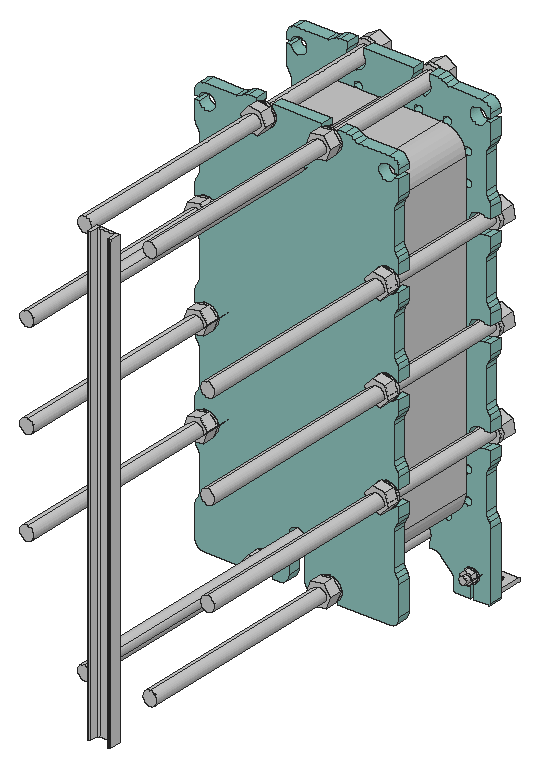
Revit family "MIT 520 - Heat Exchanger", category Specialty Equipment, Revit 2022
Family settings
  Round Connector Dimension = Use Diameter
  Part Type = Normal
  Work Plane-Based = No
  Always vertical = No
  Cut with Voids When Loaded = No
  Maintain Annotation Orientation = No
  Shared = No
  Room Calculation Point = No
Parameters (values of type "Flanged")
  URL = "https://en.ekinendustriyel.com/plate-heat-exchanger"
  Type Comments = ""
  Tightening Bolt [instance] = if(Design Pressure < 11.0 bar, 16.00 mm, 30.00 mm)  # 16.00 mm
  Thickness_of_Plate [instance] = 0.50 mm  # constant formula
  Number_of_Plate [instance] = 50
  Model = if(Hygienic, if(Design Pressure < 11.0 bar, "H12340000F75L", if(Design Pressure < 16.0 bar, " H12340000F75M", " H12340000F75H")), if(Design Pressure < 10.0 bar, "E12340000F75L", if(Design Pressure < 16.0 bar, " E12340000F75M", " E12340000F75H")))  # "H12340000F75L"
  Material = Galvanized Steel- S235JR
  Manufacturer = "Ekin Endüstriyel"
  M30 [instance] = 0 = 0  # yes
  Lk [instance] = (Number_of_Plate) * ((Thickness_of_Plate) + 3.90 mm)  # 220.00 mm
  Lh [instance] = 1060.00 mm  # constant formula
  Lf [instance] = 985.00 mm  # constant formula
  Lc [instance] = if(Number_of_Plate < 21, 350.00 mm, if(Number_of_Plate < 41, 500.00 mm, if(Number_of_Plate < 76, 750.00 mm, 1000.00 mm)))  # 750.00 mm
  La [instance] = 370.00 mm  # constant formula
  Keynote = ""
  Industrial [instance] = not(Hygienic)  # no
  Hygienic = yes
  Head & Follower Plate [instance] = if(Design Pressure < 11.0 bar, 25.00 mm, if(Design Pressure < 17.0 bar, 35.00 mm, 45.00 mm))  # 25.00 mm
  Follower Plate [instance] = -(Head & Follower Plate)  # -25.00 mm
  Design Pressure = 6.89476 bar
  Description = if(Design Pressure < 10.0663 bar, "MIT - Heat Exchanger - 10 bar", if(Design Pressure < 15.9958 bar, " MIT - Heat Exchanger - 16 bar", " MIT - Heat Exchanger - 25 bar"))  # "MIT - Heat Exchanger - 10 bar"
  Default Elevation = 0.00 mm
Reference planes
  plane 1 "Center (Front/Back)": y = 0
  plane 2: z = 0
  plane 3 "Center (Left/Right)": x = 0
  plane 4: x = 1160
  plane 5: x = -1000
  plane 6 "2": y = -245
  plane 7 "1": y = -25
  plane 8 "3": y = -775
  plane 9 "Bolt End": y = 18.7
  plane 10: y = -750
  plane 11 "12": z = 823
Forms (mm)
  Extrusion 1, solid, material "Galvanized Steel", detail levels fine
    sketch origin (4.063, 0, 0) x (1, 0, 0) y (0, 0, 1)
      loop
        line (214.187, 5) -> (214.187, 148.821)
        arc (214.187, 148.821) -> (213.505, 153.997) -> (211.507, 158.821) r 20
        line (211.507, 158.821) -> (206.866, 166.859)
        arc (206.866, 166.859) -> (204.868, 171.683) -> (204.187, 176.859) r 20
        line (204.187, 176.859) -> (204.187, 246.141)
        arc (204.187, 246.141) -> (204.868, 251.317) -> (206.866, 256.141) r 20
        line (206.866, 256.141) -> (211.507, 264.179)
        arc (211.507, 264.179) -> (213.505, 269.003) -> (214.187, 274.179) r 20
        line (214.187, 274.179) -> (214.187, 297) -> (201.516, 297)
        arc (201.516, 297) -> (168.187, 314) -> (201.516, 331) r 21
        line (201.516, 331) -> (214.187, 331) -> (214.187, 353.821)
        arc (214.187, 353.821) -> (213.505, 358.997) -> (211.507, 363.821) r 20
        line (211.507, 363.821) -> (206.866, 371.859)
        arc (206.866, 371.859) -> (204.868, 376.683) -> (204.187, 381.859) r 20
        line (204.187, 381.859) -> (204.187, 451.141)
        arc (204.187, 451.141) -> (204.868, 456.317) -> (206.866, 461.141) r 20
        line (206.866, 461.141) -> (211.507, 469.179)
        arc (211.507, 469.179) -> (213.505, 474.003) -> (214.187, 479.179) r 20
        line (214.187, 479.179) -> (214.187, 502) -> (201.516, 502)
        arc (201.516, 502) -> (168.187, 519) -> (201.516, 536) r 21
        line (201.516, 536) -> (214.187, 536) -> (214.187, 558.821)
        arc (214.187, 558.821) -> (213.505, 563.997) -> (211.507, 568.821) r 20
        line (211.507, 568.821) -> (206.866, 576.859)
        arc (206.866, 576.859) -> (204.868, 581.683) -> (204.187, 586.859) r 20
        line (204.187, 586.859) -> (204.187, 656.141)
        arc (204.187, 656.141) -> (204.868, 661.317) -> (206.866, 666.141) r 20
        line (206.866, 666.141) -> (211.507, 674.179)
        arc (211.507, 674.179) -> (213.505, 679.003) -> (214.187, 684.179) r 20
        line (214.187, 684.179) -> (214.187, 707) -> (201.516, 707)
        arc (201.516, 707) -> (168.187, 724) -> (201.516, 741) r 21
        line (201.516, 741) -> (214.187, 741) -> (214.187, 763.821)
        arc (214.187, 763.821) -> (213.505, 768.997) -> (211.507, 773.821) r 20
        line (211.507, 773.821) -> (206.866, 781.859)
        arc (206.866, 781.859) -> (204.868, 786.683) -> (204.187, 791.859) r 20
        line (204.187, 791.859) -> (204.187, 861.141)
        arc (204.187, 861.141) -> (204.868, 866.317) -> (206.866, 871.141) r 20
        line (206.866, 871.141) -> (211.507, 879.179)
        arc (211.507, 879.179) -> (213.505, 884.003) -> (214.187, 889.179) r 20
        line (214.187, 889.179) -> (214.187, 925) -> (204.923, 925)
        arc (204.923, 925) -> (170.386, 929) -> (204.923, 933) r 17.5
        line (204.923, 933) -> (214.187, 933) -> (214.187, 943)
        arc (214.187, 943) -> (208.329, 957.142) -> (194.187, 963) r 20
        line (194.187, 963) -> (127.616, 963)
        arc (127.616, 963) -> (122.44, 963.681) -> (117.616, 965.679) r 20
        line (117.616, 965.679) -> (109.578, 970.321)
        arc (109.578, 970.321) -> (104.754, 972.319) -> (99.578, 973) r 20
        line (99.578, 973) -> (82.937, 973) -> (82.937, 960.328)
        arc (82.937, 960.328) -> (65.937, 927) -> (48.937, 960.328) r 21
        line (48.937, 960.328) -> (48.937, 973) -> (-57.063, 973) -> (-57.063, 960.328)
        arc (-57.063, 960.328) -> (-74.063, 927) -> (-91.063, 960.328) r 21
        line (-91.063, 960.328) -> (-91.063, 973) -> (-107.704, 973)
        arc (-107.704, 973) -> (-112.88, 972.319) -> (-117.704, 970.321) r 20
        line (-117.704, 970.321) -> (-125.743, 965.679)
        arc (-125.743, 965.679) -> (-130.566, 963.681) -> (-135.743, 963) r 20
        line (-135.743, 963) -> (-202.313, 963)
        arc (-202.313, 963) -> (-216.455, 957.142) -> (-222.313, 943) r 20
        line (-222.313, 943) -> (-222.313, 933) -> (-213.049, 933)
        arc (-213.049, 933) -> (-178.512, 929) -> (-213.049, 925) r 17.5
        line (-213.049, 925) -> (-222.313, 925) -> (-222.313, 889.179)
        arc (-222.313, 889.179) -> (-221.632, 884.003) -> (-219.634, 879.179) r 20
        line (-219.634, 879.179) -> (-214.993, 871.141)
        arc (-214.993, 871.141) -> (-212.995, 866.317) -> (-212.313, 861.141) r 20
        line (-212.313, 861.141) -> (-212.313, 791.859)
        arc (-212.313, 791.859) -> (-212.995, 786.683) -> (-214.993, 781.859) r 20
        line (-214.993, 781.859) -> (-219.634, 773.821)
        arc (-219.634, 773.821) -> (-221.632, 768.997) -> (-222.313, 763.821) r 20
        line (-222.313, 763.821) -> (-222.313, 741) -> (-209.642, 741)
        arc (-209.642, 741) -> (-176.313, 724) -> (-209.642, 707) r 21
        line (-209.642, 707) -> (-222.313, 707) -> (-222.313, 684.179)
        arc (-222.313, 684.179) -> (-221.632, 679.003) -> (-219.634, 674.179) r 20
        line (-219.634, 674.179) -> (-214.993, 666.141)
        arc (-214.993, 666.141) -> (-212.995, 661.317) -> (-212.313, 656.141) r 20
        line (-212.313, 656.141) -> (-212.313, 586.859)
        arc (-212.313, 586.859) -> (-212.995, 581.683) -> (-214.993, 576.859) r 20
        line (-214.993, 576.859) -> (-219.634, 568.821)
        arc (-219.634, 568.821) -> (-221.632, 563.997) -> (-222.313, 558.821) r 20
        line (-222.313, 558.821) -> (-222.313, 536) -> (-209.642, 536)
        arc (-209.642, 536) -> (-176.313, 519) -> (-209.642, 502) r 21
        line (-209.642, 502) -> (-222.313, 502) -> (-222.313, 479.179)
        arc (-222.313, 479.179) -> (-221.632, 474.003) -> (-219.634, 469.179) r 20
        line (-219.634, 469.179) -> (-214.993, 461.141)
        arc (-214.993, 461.141) -> (-212.995, 456.317) -> (-212.313, 451.141) r 20
        line (-212.313, 451.141) -> (-212.313, 381.859)
        arc (-212.313, 381.859) -> (-212.995, 376.683) -> (-214.993, 371.859) r 20
        line (-214.993, 371.859) -> (-219.634, 363.821)
        arc (-219.634, 363.821) -> (-221.632, 358.997) -> (-222.313, 353.821) r 20
        line (-222.313, 353.821) -> (-222.313, 331) -> (-209.642, 331)
        arc (-209.642, 331) -> (-176.313, 314) -> (-209.642, 297) r 21
        line (-209.642, 297) -> (-222.313, 297) -> (-222.313, 274.179)
        arc (-222.313, 274.179) -> (-221.632, 269.003) -> (-219.634, 264.179) r 20
        line (-219.634, 264.179) -> (-214.993, 256.141)
        arc (-214.993, 256.141) -> (-212.995, 251.317) -> (-212.313, 246.141) r 20
        line (-212.313, 246.141) -> (-212.313, 176.859)
        arc (-212.313, 176.859) -> (-212.995, 171.683) -> (-214.993, 166.859) r 20
        line (-214.993, 166.859) -> (-219.634, 158.821)
        arc (-219.634, 158.821) -> (-221.632, 153.997) -> (-222.313, 148.821) r 20
        line (-222.313, 148.821) -> (-222.313, 5)
        arc (-222.313, 5) -> (-220.849, 1.464) -> (-217.313, 0) r 5
        line (-217.313, 0) -> (-185.313, 0) -> (-185.313, 34.417)
        arc (-185.313, 34.417) -> (-182.313, 56) -> (-179.313, 34.417) r 11
        line (-179.313, 34.417) -> (-179.313, 0) -> (-147.313, 0)
        arc (-147.313, 0) -> (-143.777, 1.464) -> (-142.313, 5) r 5
        line (-142.313, 5) -> (-142.313, 24.216)
        arc (-142.313, 24.216) -> (-140.791, 31.869) -> (-136.455, 38.358) r 20
        line (-136.455, 38.358) -> (-115.671, 59.142)
        arc (-115.671, 59.142) -> (-109.182, 63.478) -> (-101.529, 65) r 20
        line (-101.529, 65) -> (-91.063, 65) -> (-91.063, 77.671)
        arc (-91.063, 77.671) -> (-74.063, 111) -> (-57.063, 77.671) r 21
        line (-57.063, 77.671) -> (-57.063, 65) -> (48.937, 65) -> (48.937, 77.671)
        arc (48.937, 77.671) -> (65.937, 111) -> (82.937, 77.671) r 21
        line (82.937, 77.671) -> (82.937, 65) -> (93.403, 65)
        arc (93.403, 65) -> (101.056, 63.478) -> (107.545, 59.142) r 20
        line (107.545, 59.142) -> (128.329, 38.358)
        arc (128.329, 38.358) -> (132.665, 31.869) -> (134.187, 24.216) r 20
        line (134.187, 24.216) -> (134.187, 5)
        arc (134.187, 5) -> (135.651, 1.464) -> (139.187, 0) r 5
        line (139.187, 0) -> (171.187, 0) -> (171.187, 34.417)
        arc (171.187, 34.417) -> (174.187, 56) -> (177.187, 34.417) r 11
        line (177.187, 34.417) -> (177.187, 0) -> (209.187, 0)
        arc (209.187, 0) -> (212.723, 1.464) -> (214.187, 5) r 5
      loop
        circle (60.322, 896.91) r 9
      loop
        circle (17.027, 853.615) r 9
      loop
        circle (17.027, 792.385) r 9
      loop
        circle (60.322, 749.09) r 9
      loop
        circle (121.552, 896.91) r 9
      loop
        circle (164.847, 853.615) r 9
      loop
        circle (164.847, 792.385) r 9
      loop
        circle (121.552, 749.09) r 9
      loop
        circle (60.322, 288.91) r 9
      loop
        circle (17.027, 245.615) r 9
      loop
        circle (17.027, 184.385) r 9
      loop
        circle (60.322, 141.09) r 9
      loop
        circle (121.552, 288.91) r 9
      loop
        circle (164.847, 245.615) r 9
      loop
        circle (164.847, 184.385) r 9
      loop
        circle (121.552, 141.09) r 9
      loop
        circle (-4.063, 160.5) r 5.1
      loop
        circle (-4.063, 877.5) r 6.25
      loop
        circle (-68.448, 896.91) r 9
      loop
        circle (-25.153, 853.615) r 9
      loop
        circle (-25.153, 792.385) r 9
      loop
        circle (-68.448, 749.09) r 9
      loop
        circle (-129.678, 896.91) r 9
      loop
        circle (-172.973, 853.615) r 9
      loop
        circle (-172.973, 792.385) r 9
      loop
        circle (-129.678, 749.09) r 9
      loop
        circle (-68.448, 288.91) r 9
      loop
        circle (-25.153, 245.615) r 9
      loop
        circle (-25.153, 184.385) r 9
      loop
        circle (-68.448, 141.09) r 9
      loop
        circle (-129.678, 288.91) r 9
      loop
        circle (-172.973, 245.615) r 9
      loop
        circle (-172.973, 184.385) r 9
      loop
        circle (-129.678, 141.09) r 9
      loop
        circle (90.937, 823) r 31.946
      loop
        circle (-99.063, 823) r 31.946
      loop
        circle (-99.063, 215) r 31.946
      loop
        circle (90.937, 215) r 31.946
    from 0 to 25
  Extrusion 2, solid, material "Galvanized Steel", detail levels fine
    sketch origin (4.063, -245, 0) x (-1, 0, 0) y (0, 0, 1)
      loop
        arc (-214.187, 85) -> (-208.329, 70.858) -> (-194.187, 65) r 20
        line (-194.187, 65) -> (-82.937, 65) -> (-82.937, 77.671)
        arc (-82.937, 77.671) -> (-65.937, 111) -> (-48.937, 77.671) r 21
        line (-48.937, 77.671) -> (-48.937, 65) -> (-32.437, 65)
        arc (-32.437, 65) -> (-18.295, 70.858) -> (-12.437, 85) r 20
        line (-12.437, 85) -> (-12.437, 165.5)
        arc (-12.437, 165.5) -> (4.063, 182) -> (20.563, 165.5) r 16.5
        line (20.563, 165.5) -> (20.563, 85)
        arc (20.563, 85) -> (26.421, 70.858) -> (40.563, 65) r 20
        line (40.563, 65) -> (57.063, 65) -> (57.063, 77.671)
        arc (57.063, 77.671) -> (74.063, 111) -> (91.063, 77.671) r 21
        line (91.063, 77.671) -> (91.063, 65) -> (202.313, 65)
        arc (202.313, 65) -> (216.455, 70.858) -> (222.313, 85) r 20
        line (222.313, 85) -> (222.313, 148.821)
        arc (222.313, 148.821) -> (221.632, 153.997) -> (219.634, 158.821) r 20
        line (219.634, 158.821) -> (214.993, 166.859)
        arc (214.993, 166.859) -> (212.995, 171.683) -> (212.313, 176.859) r 20
        line (212.313, 176.859) -> (212.313, 246.141)
        arc (212.313, 246.141) -> (212.995, 251.317) -> (214.993, 256.141) r 20
        line (214.993, 256.141) -> (219.634, 264.179)
        arc (219.634, 264.179) -> (221.632, 269.003) -> (222.313, 274.179) r 20
        line (222.313, 274.179) -> (222.313, 297) -> (209.642, 297)
        arc (209.642, 297) -> (176.313, 314) -> (209.642, 331) r 21
        line (209.642, 331) -> (222.313, 331) -> (222.313, 353.821)
        arc (222.313, 353.821) -> (221.632, 358.997) -> (219.634, 363.821) r 20
        line (219.634, 363.821) -> (214.993, 371.859)
        arc (214.993, 371.859) -> (212.995, 376.683) -> (212.313, 381.859) r 20
        line (212.313, 381.859) -> (212.313, 451.141)
        arc (212.313, 451.141) -> (212.995, 456.317) -> (214.993, 461.141) r 20
        line (214.993, 461.141) -> (219.634, 469.179)
        arc (219.634, 469.179) -> (221.632, 474.003) -> (222.313, 479.179) r 20
        line (222.313, 479.179) -> (222.313, 502) -> (209.642, 502)
        arc (209.642, 502) -> (176.313, 519) -> (209.642, 536) r 21
        line (209.642, 536) -> (222.313, 536) -> (222.313, 558.821)
        arc (222.313, 558.821) -> (221.632, 563.997) -> (219.634, 568.821) r 20
        line (219.634, 568.821) -> (214.993, 576.859)
        arc (214.993, 576.859) -> (212.995, 581.683) -> (212.313, 586.859) r 20
        line (212.313, 586.859) -> (212.313, 656.141)
        arc (212.313, 656.141) -> (212.995, 661.317) -> (214.993, 666.141) r 20
        line (214.993, 666.141) -> (219.634, 674.179)
        arc (219.634, 674.179) -> (221.632, 679.003) -> (222.313, 684.179) r 20
        line (222.313, 684.179) -> (222.313, 707) -> (209.642, 707)
        arc (209.642, 707) -> (176.313, 724) -> (209.642, 741) r 21
        line (209.642, 741) -> (222.313, 741) -> (222.313, 763.821)
        arc (222.313, 763.821) -> (221.632, 768.997) -> (219.634, 773.821) r 20
        line (219.634, 773.821) -> (214.993, 781.859)
        arc (214.993, 781.859) -> (212.995, 786.683) -> (212.313, 791.859) r 20
        line (212.313, 791.859) -> (212.313, 861.141)
        arc (212.313, 861.141) -> (212.995, 866.317) -> (214.993, 871.141) r 20
        line (214.993, 871.141) -> (219.634, 879.179)
        arc (219.634, 879.179) -> (221.632, 884.003) -> (222.313, 889.179) r 20
        line (222.313, 889.179) -> (222.313, 925) -> (213.049, 925)
        arc (213.049, 925) -> (178.512, 929) -> (213.049, 933) r 17.5
        line (213.049, 933) -> (222.313, 933) -> (222.313, 943)
        arc (222.313, 943) -> (216.455, 957.142) -> (202.313, 963) r 20
        line (202.313, 963) -> (135.743, 963)
        arc (135.743, 963) -> (130.566, 963.681) -> (125.743, 965.679) r 20
        line (125.743, 965.679) -> (117.704, 970.321)
        arc (117.704, 970.321) -> (112.88, 972.319) -> (107.704, 973) r 20
        line (107.704, 973) -> (91.063, 973) -> (91.063, 960.328)
        arc (91.063, 960.328) -> (74.063, 927) -> (57.063, 960.328) r 21
        line (57.063, 960.328) -> (57.063, 973) -> (-48.937, 973) -> (-48.937, 960.328)
        arc (-48.937, 960.328) -> (-65.937, 927) -> (-82.937, 960.328) r 21
        line (-82.937, 960.328) -> (-82.937, 973) -> (-99.578, 973)
        arc (-99.578, 973) -> (-104.754, 972.319) -> (-109.578, 970.321) r 20
        line (-109.578, 970.321) -> (-117.616, 965.679)
        arc (-117.616, 965.679) -> (-122.44, 963.681) -> (-127.616, 963) r 20
        line (-127.616, 963) -> (-194.187, 963)
        arc (-194.187, 963) -> (-208.329, 957.142) -> (-214.187, 943) r 20
        line (-214.187, 943) -> (-214.187, 933) -> (-204.923, 933)
        arc (-204.923, 933) -> (-170.386, 929) -> (-204.923, 925) r 17.5
        line (-204.923, 925) -> (-214.187, 925) -> (-214.187, 889.179)
        arc (-214.187, 889.179) -> (-213.505, 884.003) -> (-211.507, 879.179) r 20
        line (-211.507, 879.179) -> (-206.866, 871.141)
        arc (-206.866, 871.141) -> (-204.868, 866.317) -> (-204.187, 861.141) r 20
        line (-204.187, 861.141) -> (-204.187, 791.859)
        arc (-204.187, 791.859) -> (-204.868, 786.683) -> (-206.866, 781.859) r 20
        line (-206.866, 781.859) -> (-211.507, 773.821)
        arc (-211.507, 773.821) -> (-213.505, 768.997) -> (-214.187, 763.821) r 20
        line (-214.187, 763.821) -> (-214.187, 741) -> (-201.516, 741)
        arc (-201.516, 741) -> (-168.187, 724) -> (-201.516, 707) r 21
        line (-201.516, 707) -> (-214.187, 707) -> (-214.187, 684.179)
        arc (-214.187, 684.179) -> (-213.505, 679.003) -> (-211.507, 674.179) r 20
        line (-211.507, 674.179) -> (-206.866, 666.141)
        arc (-206.866, 666.141) -> (-204.868, 661.317) -> (-204.187, 656.141) r 20
        line (-204.187, 656.141) -> (-204.187, 586.859)
        arc (-204.187, 586.859) -> (-204.868, 581.683) -> (-206.866, 576.859) r 20
        line (-206.866, 576.859) -> (-211.507, 568.821)
        arc (-211.507, 568.821) -> (-213.505, 563.997) -> (-214.187, 558.821) r 20
        line (-214.187, 558.821) -> (-214.187, 536) -> (-201.516, 536)
        arc (-201.516, 536) -> (-168.187, 519) -> (-201.516, 502) r 21
        line (-201.516, 502) -> (-214.187, 502) -> (-214.187, 479.179)
        arc (-214.187, 479.179) -> (-213.505, 474.003) -> (-211.507, 469.179) r 20
        line (-211.507, 469.179) -> (-206.866, 461.141)
        arc (-206.866, 461.141) -> (-204.868, 456.317) -> (-204.187, 451.141) r 20
        line (-204.187, 451.141) -> (-204.187, 381.859)
        arc (-204.187, 381.859) -> (-204.868, 376.683) -> (-206.866, 371.859) r 20
        line (-206.866, 371.859) -> (-211.507, 363.821)
        arc (-211.507, 363.821) -> (-213.505, 358.997) -> (-214.187, 353.821) r 20
        line (-214.187, 353.821) -> (-214.187, 331) -> (-201.516, 331)
        arc (-201.516, 331) -> (-168.187, 314) -> (-201.516, 297) r 21
        line (-201.516, 297) -> (-214.187, 297) -> (-214.187, 274.179)
        arc (-214.187, 274.179) -> (-213.505, 269.003) -> (-211.507, 264.179) r 20
        line (-211.507, 264.179) -> (-206.866, 256.141)
        arc (-206.866, 256.141) -> (-204.868, 251.317) -> (-204.187, 246.141) r 20
        line (-204.187, 246.141) -> (-204.187, 176.859)
        arc (-204.187, 176.859) -> (-204.868, 171.683) -> (-206.866, 166.859) r 20
        line (-206.866, 166.859) -> (-211.507, 158.821)
        arc (-211.507, 158.821) -> (-213.505, 153.997) -> (-214.187, 148.821) r 20
        line (-214.187, 148.821) -> (-214.187, 85)
      loop
        circle (4.063, 877.5) r 15
    from 0 to -25 <- "Follower Plate"
  Extrusion 3, solid, material "AISI 316L/Titanium/Hastelloy", detail levels fine
    sketch origin (0, -25, 0) x (-1, 0, 0) y (0, 0, 1)
      loop
        line (-164, 841.5) -> (-164, 196.5)
        arc (-164, 196.5) -> (-149.355, 161.145) -> (-114, 146.5) r 50
        line (-114, 146.5) -> (-20, 146.5) -> (-20, 186.5) -> (20, 186.5) -> (20, 146.5) -> (114, 146.5)
        arc (114, 146.5) -> (149.355, 161.145) -> (164, 196.5) r 50
        line (164, 196.5) -> (164, 841.5)
        arc (164, 841.5) -> (149.355, 876.855) -> (114, 891.5) r 50
        line (114, 891.5) -> (20, 891.5) -> (20, 851.5) -> (-20, 851.5) -> (-20, 891.5) -> (-114, 891.5)
        arc (-114, 891.5) -> (-149.355, 876.855) -> (-164, 841.5) r 50
      loop
        circle (-95, 823) r 31.946
      loop
        circle (95, 823) r 31.946
      loop
        circle (-95, 215) r 31.946
      loop
        circle (95, 215) r 31.946
    from 0 to -220
  Extrusion 4, solid, material "Galvanized Steel- S235JR"
    sketch origin (0, 0, 0) x (1, 0, 0) y (0, 0, 1)
      loop
        circle (0, 877.5) r 15
      loop
        circle (0, 160.5) r 15
    from 25 to 775
  Extrusion 5, solid, material "Galvanized Steel- S235JR"
    sketch origin (0, 0, 0) x (1, 0, 0) y (0, 0, 1)
      loop
        circle (193.25, 314) r 15
      loop
        circle (70, 90) r 15
      loop
        circle (193.25, 519) r 15
      loop
        circle (193.25, 724) r 15
      loop
        circle (70, 948) r 15
      loop
        circle (-193.25, 314) r 15
      loop
        circle (-70, 90) r 15
      loop
        circle (-193.25, 519) r 15
      loop
        circle (-193.25, 724) r 15
      loop
        circle (-70, 948) r 15
    from 0 to 750
  Extrusion 6, solid, material "Galvanized Steel- S235JR", detail levels fine
    sketch origin (0, 0, 0) x (1, 0, 0) y (0, 0, 1)
      loop
        line (164.316, 49.263) -> (167.216, 35.713) -> (180.401, 31.451) -> (190.684, 40.737) -> (187.784, 54.287) -> (174.599, 58.549) -> (164.316, 49.263)
      loop
        line (-164.316, 49.263) -> (-174.599, 58.549) -> (-187.784, 54.287) -> (-190.684, 40.737) -> (-180.401, 31.451) -> (-167.216, 35.713) -> (-164.316, 49.263)
    from -10 to -20
  Extrusion 7, solid, material "Galvanized Steel- S235JR", detail levels fine
    sketch origin (0, 0, 0) x (1, 0, 0) y (0, 0, 1)
      loop
        circle (177.5, 45) r 15
      loop
        circle (-177.5, 45) r 15
    from -10 to -7.5
  Extrusion 8, solid, material "Galvanized Steel- S235JR", detail levels fine
    sketch origin (0, 0, 0) x (1, 0, 0) y (0, 0, 1)
      loop
        circle (177.5, 45) r 7.9
      loop
        circle (-177.5, 45) r 7.9
    from 49.5 to -7.5
  Extrusion 9, solid, material "Galvanized Steel- S235JR", detail levels fine
    sketch origin (0, 0, 0) x (1, 0, 0) y (0, 0, 1)
      loop
        circle (177.5, 45) r 15
      loop
        circle (-177.5, 45) r 15
    from 25 to 27.5
  Extrusion 10, solid, material "Galvanized Steel- S235JR", detail levels fine
    sketch origin (0, 0, 0) x (1, 0, 0) y (0, 0, 1)
      loop
        line (164.316, 49.263) -> (167.216, 35.713) -> (180.401, 31.451) -> (190.684, 40.737) -> (187.784, 54.287) -> (174.599, 58.549) -> (164.316, 49.263)
      loop
        line (-164.316, 49.263) -> (-174.599, 58.549) -> (-187.784, 54.287) -> (-190.684, 40.737) -> (-180.401, 31.451) -> (-167.216, 35.713) -> (-164.316, 49.263)
    from 40.08 to 27.5
  Extrusion 11, solid, material "Galvanized Steel- S235JR", detail levels fine
    sketch origin (0, 0, 0) x (1, 0, 0) y (0, 0, 1)
      loop
        circle (95, 823) r 94.5
      loop
        circle (95, 823) r 45.25
      loop
        circle (168.91, 853.615) r 6.5
      loop
        circle (168.91, 792.385) r 6.5
      loop
        circle (125.615, 749.09) r 6.5
      loop
        circle (64.385, 749.09) r 6.5
      loop
        circle (21.09, 792.385) r 6.5
      loop
        circle (21.09, 853.615) r 6.5
      loop
        circle (64.385, 896.91) r 6.5
      loop
        circle (125.615, 896.91) r 6.5
      loop
        circle (-95, 823) r 94.5
      loop
        circle (-95, 823) r 45.25
      loop
        circle (-168.91, 853.615) r 6.5
      loop
        circle (-168.91, 792.385) r 6.5
      loop
        circle (-125.615, 749.09) r 6.5
      loop
        circle (-64.385, 749.09) r 6.5
      loop
        circle (-21.09, 792.385) r 6.5
      loop
        circle (-21.09, 853.615) r 6.5
      loop
        circle (-64.385, 896.91) r 6.5
      loop
        circle (-125.615, 896.91) r 6.5
      loop
        circle (95, 215) r 94.5
      loop
        circle (95, 215) r 45.25
      loop
        circle (168.91, 245.615) r 6.5
      loop
        circle (168.91, 184.385) r 6.5
      loop
        circle (125.615, 141.09) r 6.5
      loop
        circle (64.385, 141.09) r 6.5
      loop
        circle (21.09, 184.385) r 6.5
      loop
        circle (21.09, 245.615) r 6.5
      loop
        circle (64.385, 288.91) r 6.5
      loop
        circle (125.615, 288.91) r 6.5
      loop
        circle (-95, 215) r 94.5
      loop
        circle (-95, 215) r 45.25
      loop
        circle (-168.91, 245.615) r 6.5
      loop
        circle (-168.91, 184.385) r 6.5
      loop
        circle (-125.615, 141.09) r 6.5
      loop
        circle (-64.385, 141.09) r 6.5
      loop
        circle (-21.09, 184.385) r 6.5
      loop
        circle (-21.09, 245.615) r 6.5
      loop
        circle (-64.385, 288.91) r 6.5
      loop
        circle (-125.615, 288.91) r 6.5
    from 0 to -15
  Extrusion 12, solid, material "Galvanized Steel- S235JR", detail levels fine
    sketch origin (0, 0, 0) x (1, 0, 0) y (0, 0, 1)
      loop
        circle (125.615, 896.91) r 15
      loop
        circle (168.91, 853.615) r 15
      loop
        circle (168.91, 792.385) r 15
      loop
        circle (125.615, 749.09) r 15
      loop
        circle (64.385, 896.91) r 15
      loop
        circle (21.09, 853.615) r 15
      loop
        circle (21.09, 792.385) r 15
      loop
        circle (64.385, 749.09) r 15
      loop
        circle (-125.615, 896.91) r 15
      loop
        circle (-168.91, 853.615) r 15
      loop
        circle (-168.91, 792.385) r 15
      loop
        circle (-125.615, 749.09) r 15
      loop
        circle (-64.385, 896.91) r 15
      loop
        circle (-21.09, 853.615) r 15
      loop
        circle (-21.09, 792.385) r 15
      loop
        circle (-64.385, 749.09) r 15
      loop
        circle (125.615, 288.91) r 15
      loop
        circle (168.91, 245.615) r 15
      loop
        circle (168.91, 184.385) r 15
      loop
        circle (125.615, 141.09) r 15
      loop
        circle (64.385, 288.91) r 15
      loop
        circle (21.09, 245.615) r 15
      loop
        circle (21.09, 184.385) r 15
      loop
        circle (64.385, 141.09) r 15
      loop
        circle (-125.615, 288.91) r 15
      loop
        circle (-168.91, 245.615) r 15
      loop
        circle (-168.91, 184.385) r 15
      loop
        circle (-125.615, 141.09) r 15
      loop
        circle (-64.385, 288.91) r 15
      loop
        circle (-21.09, 245.615) r 15
      loop
        circle (-21.09, 184.385) r 15
      loop
        circle (-64.385, 141.09) r 15
    from -18 to -15
  Extrusion 13, solid, material "Galvanized Steel- S235JR", detail levels fine
    sketch origin (0, 0, 0) x (1, 0, 0) y (0, 0, 1)
      loop
        line (128.813, 910.985) -> (115.024, 906.717) -> (111.826, 892.642) -> (122.417, 882.835) -> (136.205, 887.103) -> (139.403, 901.178) -> (128.813, 910.985)
      loop
        line (168.356, 868.038) -> (156.143, 860.347) -> (156.697, 845.923) -> (169.464, 839.192) -> (181.678, 846.883) -> (181.124, 861.306) -> (168.356, 868.038)
      loop
        line (164.642, 806.174) -> (154.835, 795.583) -> (159.103, 781.795) -> (173.178, 778.597) -> (182.985, 789.187) -> (178.717, 802.976) -> (164.642, 806.174)
      loop
        line (132.347, 761.857) -> (117.923, 761.303) -> (111.192, 748.536) -> (118.883, 736.322) -> (133.306, 736.876) -> (140.038, 749.644) -> (132.347, 761.857)
      loop
        line (61.187, 910.985) -> (50.597, 901.178) -> (53.795, 887.103) -> (67.583, 882.835) -> (78.174, 892.642) -> (74.976, 906.717) -> (61.187, 910.985)
      loop
        line (21.644, 868.038) -> (8.876, 861.306) -> (8.322, 846.883) -> (20.536, 839.192) -> (33.303, 845.923) -> (33.857, 860.347) -> (21.644, 868.038)
      loop
        line (25.358, 806.174) -> (11.283, 802.976) -> (7.015, 789.187) -> (16.822, 778.597) -> (30.897, 781.795) -> (35.165, 795.583) -> (25.358, 806.174)
      loop
        line (57.653, 761.857) -> (49.962, 749.644) -> (56.694, 736.876) -> (71.117, 736.322) -> (78.808, 748.536) -> (72.077, 761.303) -> (57.653, 761.857)
      loop
        line (-128.813, 910.985) -> (-139.403, 901.178) -> (-136.205, 887.103) -> (-122.417, 882.835) -> (-111.826, 892.642) -> (-115.024, 906.717) -> (-128.813, 910.985)
      loop
        line (-168.356, 868.038) -> (-181.124, 861.306) -> (-181.678, 846.883) -> (-169.464, 839.192) -> (-156.697, 845.923) -> (-156.143, 860.347) -> (-168.356, 868.038)
      loop
        line (-164.642, 806.174) -> (-178.717, 802.976) -> (-182.985, 789.187) -> (-173.178, 778.597) -> (-159.103, 781.795) -> (-154.835, 795.583) -> (-164.642, 806.174)
      loop
        line (-132.347, 761.857) -> (-140.038, 749.644) -> (-133.306, 736.876) -> (-118.883, 736.322) -> (-111.192, 748.536) -> (-117.923, 761.303) -> (-132.347, 761.857)
      loop
        line (-61.187, 910.985) -> (-74.976, 906.717) -> (-78.174, 892.642) -> (-67.583, 882.835) -> (-53.795, 887.103) -> (-50.597, 901.178) -> (-61.187, 910.985)
      loop
        line (-21.644, 868.038) -> (-33.857, 860.347) -> (-33.303, 845.923) -> (-20.536, 839.192) -> (-8.322, 846.883) -> (-8.876, 861.306) -> (-21.644, 868.038)
      loop
        line (-25.358, 806.174) -> (-35.165, 795.583) -> (-30.897, 781.795) -> (-16.822, 778.597) -> (-7.015, 789.187) -> (-11.283, 802.976) -> (-25.358, 806.174)
      loop
        line (-57.653, 761.857) -> (-72.077, 761.303) -> (-78.808, 748.536) -> (-71.117, 736.322) -> (-56.694, 736.876) -> (-49.962, 749.644) -> (-57.653, 761.857)
      loop
        line (128.813, 302.985) -> (115.024, 298.717) -> (111.826, 284.642) -> (122.417, 274.835) -> (136.205, 279.103) -> (139.403, 293.178) -> (128.813, 302.985)
      loop
        line (168.356, 260.038) -> (156.143, 252.347) -> (156.697, 237.923) -> (169.464, 231.192) -> (181.678, 238.883) -> (181.124, 253.306) -> (168.356, 260.038)
      loop
        line (164.642, 198.174) -> (154.835, 187.583) -> (159.103, 173.795) -> (173.178, 170.597) -> (182.985, 181.187) -> (178.717, 194.976) -> (164.642, 198.174)
      loop
        line (132.347, 153.857) -> (117.923, 153.303) -> (111.192, 140.536) -> (118.883, 128.322) -> (133.306, 128.876) -> (140.038, 141.644) -> (132.347, 153.857)
      loop
        line (61.187, 302.985) -> (50.597, 293.178) -> (53.795, 279.103) -> (67.583, 274.835) -> (78.174, 284.642) -> (74.976, 298.717) -> (61.187, 302.985)
      loop
        line (21.644, 260.038) -> (8.876, 253.306) -> (8.322, 238.883) -> (20.536, 231.192) -> (33.303, 237.923) -> (33.857, 252.347) -> (21.644, 260.038)
      loop
        line (25.358, 198.174) -> (11.283, 194.976) -> (7.015, 181.187) -> (16.822, 170.597) -> (30.897, 173.795) -> (35.165, 187.583) -> (25.358, 198.174)
      loop
        line (57.653, 153.857) -> (49.962, 141.644) -> (56.694, 128.876) -> (71.117, 128.322) -> (78.808, 140.536) -> (72.077, 153.303) -> (57.653, 153.857)
      loop
        line (-128.813, 302.985) -> (-139.403, 293.178) -> (-136.205, 279.103) -> (-122.417, 274.835) -> (-111.826, 284.642) -> (-115.024, 298.717) -> (-128.813, 302.985)
      loop
        line (-168.356, 260.038) -> (-181.124, 253.306) -> (-181.678, 238.883) -> (-169.464, 231.192) -> (-156.697, 237.923) -> (-156.143, 252.347) -> (-168.356, 260.038)
      loop
        line (-164.642, 198.174) -> (-178.717, 194.976) -> (-182.985, 181.187) -> (-173.178, 170.597) -> (-159.103, 173.795) -> (-154.835, 187.583) -> (-164.642, 198.174)
      loop
        line (-132.347, 153.857) -> (-140.038, 141.644) -> (-133.306, 128.876) -> (-118.883, 128.322) -> (-111.192, 140.536) -> (-117.923, 153.303) -> (-132.347, 153.857)
      loop
        line (-61.187, 302.985) -> (-74.976, 298.717) -> (-78.174, 284.642) -> (-67.583, 274.835) -> (-53.795, 279.103) -> (-50.597, 293.178) -> (-61.187, 302.985)
      loop
        line (-21.644, 260.038) -> (-33.857, 252.347) -> (-33.303, 237.923) -> (-20.536, 231.192) -> (-8.322, 238.883) -> (-8.876, 253.306) -> (-21.644, 260.038)
      loop
        line (-25.358, 198.174) -> (-35.165, 187.583) -> (-30.897, 173.795) -> (-16.822, 170.597) -> (-7.015, 181.187) -> (-11.283, 194.976) -> (-25.358, 198.174)
      loop
        line (-57.653, 153.857) -> (-72.077, 153.303) -> (-78.808, 140.536) -> (-71.117, 128.322) -> (-56.694, 128.876) -> (-49.962, 141.644) -> (-57.653, 153.857)
    from -18 to -28
  Extrusion 14, solid, material "Galvanized Steel- S235JR", detail levels medium+fine
    sketch origin (0, 0, 0) x (1, 0, 0) y (0, 0, 1)
      loop
        circle (0, 160.5) r 9
      loop
        circle (0, 877.5) r 9
    from 0 to -12
  Extrusion 15, solid, material "Galvanized Steel- S235JR", detail levels medium+fine
    sketch origin (0, 0, 0) x (1, 0, 0) y (0, 1, 0)
      loop
        line (-24.936, -775) -> (-24.936, -798.408)
        arc (-24.936, -798.408) -> (-24.469, -799.534) -> (-23.343, -800) r 1.592
        line (-23.343, -800) -> (-21.362, -800)
        arc (-21.362, -800) -> (-19.913, -799.577) -> (-18.918, -798.441) r 2.697
        line (-18.918, -798.441) -> (-17.259, -782.296)
        arc (-17.259, -782.296) -> (-16.144, -780.525) -> (-14.168, -779.834) r 3.172
        line (-14.168, -779.834) -> (14.147, -779.834)
        arc (14.147, -779.834) -> (16.12, -780.526) -> (17.23, -782.298) r 3.161
        line (17.23, -782.298) -> (18.782, -797.904)
        arc (18.782, -797.904) -> (19.819, -799.417) -> (21.559, -800) r 2.887
        line (21.559, -800) -> (23.148, -800)
        arc (23.148, -800) -> (24.463, -799.455) -> (25.008, -798.14) r 1.86
        line (25.008, -798.14) -> (25.008, -775) -> (-24.936, -775)
    from 0 to 973
  Extrusion 16, solid, material "Galvanized Steel- S235JR"
    sketch origin (212.5, 0, 5) x (0, 0, 1) y (0, -1, 0)
      loop
        line (7.5, -7.5) -> (62, -7.5)
        arc (62, -7.5) -> (64.121, -6.621) -> (65, -4.5) r 3
        line (65, -4.5) -> (65, 0) -> (-4, 0)
        arc (-4, 0) -> (-4.707, -0.293) -> (-5, -1) r 1
        line (-5, -1) -> (-5, -68)
        arc (-5, -68) -> (-4.414, -69.414) -> (-3, -70) r 2
        line (-3, -70) -> (0.5, -70)
        arc (0.5, -70) -> (1.914, -69.414) -> (2.5, -68) r 2
        line (2.5, -68) -> (2.5, -12.5)
        arc (2.5, -12.5) -> (3.964, -8.964) -> (7.5, -7.5) r 5
    from -9.144 to -415.673
  Extrusion 17, void
    sketch origin (202.5, 12.5, 7.5) x (0, -1, 0) y (1, 0, 0)
      loop
        line (12.5, -49.25) -> (-57.5, -49.25) -> (-57.5, -355.75) -> (12.5, -355.75) -> (12.5, -49.25)
      loop
        circle (-32.5, -380.75) r 9
      loop
        circle (-32.5, -24.25) r 9
    from -7.5 to 62.5
  Extrusion 18, solid, material "Galvanized Steel- S235JR", visible <- "M30", detail levels medium+fine
    sketch origin (0, 0, 0) x (1, 0, 0) y (0, 0, 1)
      loop
        circle (193.25, 724) r 25
      loop
        circle (193.25, 519) r 25
      loop
        circle (193.25, 314) r 25
      loop
        circle (70, 90) r 25
      loop
        circle (70, 948) r 25
      loop
        circle (-193.25, 724) r 25
      loop
        circle (-193.25, 519) r 25
      loop
        circle (-193.25, 314) r 25
      loop
        circle (-70, 90) r 25
      loop
        circle (-70, 948) r 25
    from 0 to -8
  Extrusion 19, solid, material "Galvanized Steel- S235JR", visible <- "M30", detail levels fine
    sketch origin (4.063, -270, 0) x (1, 0, 0) y (0, 0, 1)
      loop
        line (92.239, 951.682) -> (75.899, 972.619) -> (49.597, 968.936) -> (39.635, 944.318) -> (55.975, 923.381) -> (82.277, 927.063) -> (92.239, 951.682)
      loop
        line (215.288, 719.092) -> (206.488, 744.15) -> (180.387, 749.058) -> (163.086, 728.908) -> (171.886, 703.85) -> (197.987, 698.942) -> (215.288, 719.092)
      loop
        line (197.987, 493.942) -> (215.288, 514.092) -> (206.488, 539.15) -> (180.387, 544.058) -> (163.086, 523.908) -> (171.886, 498.85) -> (197.987, 493.942)
      loop
        line (180.387, 339.058) -> (163.086, 318.908) -> (171.886, 293.85) -> (197.987, 288.942) -> (215.288, 309.092) -> (206.488, 334.15) -> (180.387, 339.058)
      loop
        line (92.239, 93.682) -> (75.899, 114.619) -> (49.597, 110.936) -> (39.635, 86.318) -> (55.975, 65.381) -> (82.277, 69.063) -> (92.239, 93.682)
      loop
        line (-100.365, 951.682) -> (-90.403, 927.063) -> (-64.101, 923.381) -> (-47.761, 944.318) -> (-57.723, 968.936) -> (-84.025, 972.619) -> (-100.365, 951.682)
      loop
        line (-223.414, 719.092) -> (-206.113, 698.942) -> (-180.012, 703.85) -> (-171.212, 728.908) -> (-188.513, 749.058) -> (-214.614, 744.15) -> (-223.414, 719.092)
      loop
        line (-206.113, 493.942) -> (-180.012, 498.85) -> (-171.212, 523.908) -> (-188.513, 544.058) -> (-214.614, 539.15) -> (-223.414, 514.092) -> (-206.113, 493.942)
      loop
        line (-188.513, 339.058) -> (-214.614, 334.15) -> (-223.414, 309.092) -> (-206.113, 288.942) -> (-180.012, 293.85) -> (-171.212, 318.908) -> (-188.513, 339.058)
      loop
        line (-100.365, 93.682) -> (-90.403, 69.063) -> (-64.101, 65.381) -> (-47.761, 86.318) -> (-57.723, 110.936) -> (-84.025, 114.619) -> (-100.365, 93.682)
    from 4 to 29.5
  Extrusion 20, solid, material "Galvanized Steel- S235JR", visible <- "M30", detail levels fine
    sketch origin (4.063, -270, 0) x (1, 0, 0) y (0, 0, 1)
      loop
        circle (65.937, 90) r 25
      loop
        circle (189.187, 314) r 25
      loop
        circle (189.187, 519) r 25
      loop
        circle (189.187, 724) r 25
      loop
        circle (65.937, 948) r 25
      loop
        circle (-74.063, 90) r 25
      loop
        circle (-197.313, 314) r 25
      loop
        circle (-197.313, 519) r 25
      loop
        circle (-197.313, 724) r 25
      loop
        circle (-74.063, 948) r 25
    from 4 to 0
  Extrusion 21, solid, material "Galvanized Steel- S235JR", visible <- "M30", detail levels medium+fine
    sketch origin (0, 0, 0) x (1, 0, 0) y (0, 0, 1)
      loop
        line (92.881, 102.905) -> (70.264, 116.268) -> (47.383, 103.362) -> (47.119, 77.094) -> (69.736, 63.732) -> (92.617, 76.637) -> (92.881, 102.905)
      loop
        line (214.307, 329.707) -> (190.176, 340.089) -> (169.119, 324.382) -> (172.193, 298.293) -> (196.324, 287.911) -> (217.381, 303.618) -> (214.307, 329.707)
      loop
        line (214.307, 534.707) -> (190.176, 545.089) -> (169.119, 529.382) -> (172.193, 503.293) -> (196.324, 492.911) -> (217.381, 508.618) -> (214.307, 534.707)
      loop
        line (92.881, 960.905) -> (70.264, 974.268) -> (47.383, 961.362) -> (47.119, 935.094) -> (69.736, 921.732) -> (92.617, 934.637) -> (92.881, 960.905)
      loop
        line (214.307, 739.707) -> (190.176, 750.089) -> (169.119, 734.382) -> (172.193, 708.293) -> (196.324, 697.911) -> (217.381, 713.618) -> (214.307, 739.707)
      loop
        line (-92.881, 102.905) -> (-92.617, 76.637) -> (-69.736, 63.732) -> (-47.119, 77.094) -> (-47.383, 103.362) -> (-70.264, 116.268) -> (-92.881, 102.905)
      loop
        line (-214.307, 329.707) -> (-217.381, 303.618) -> (-196.324, 287.911) -> (-172.193, 298.293) -> (-169.119, 324.382) -> (-190.176, 340.089) -> (-214.307, 329.707)
      loop
        line (-214.307, 534.707) -> (-217.381, 508.618) -> (-196.324, 492.911) -> (-172.193, 503.293) -> (-169.119, 529.382) -> (-190.176, 545.089) -> (-214.307, 534.707)
      loop
        line (-92.881, 960.905) -> (-92.617, 934.637) -> (-69.736, 921.732) -> (-47.119, 935.094) -> (-47.383, 961.362) -> (-70.264, 974.268) -> (-92.881, 960.905)
      loop
        line (-214.307, 739.707) -> (-217.381, 713.618) -> (-196.324, 697.911) -> (-172.193, 708.293) -> (-169.119, 734.382) -> (-190.176, 750.089) -> (-214.307, 739.707)
    from -8 to -38.6
  Extrusion 22, solid, material "Galvanized Steel", detail levels medium
    sketch origin (4.063, 0, 0) x (1, 0, 0) y (0, 0, 1)
      loop
        line (214.187, 5) -> (214.187, 943)
        arc (214.187, 943) -> (208.329, 957.142) -> (194.187, 963) r 20
        line (194.187, 963) -> (122.257, 963) -> (104.937, 973) -> (-113.063, 973) -> (-130.384, 963) -> (-202.313, 963)
        arc (-202.313, 963) -> (-216.455, 957.142) -> (-222.313, 943) r 20
        line (-222.313, 943) -> (-222.313, 5)
        arc (-222.313, 5) -> (-220.849, 1.464) -> (-217.313, 0) r 5
        line (-217.313, 0) -> (-147.313, 0)
        arc (-147.313, 0) -> (-143.777, 1.464) -> (-142.313, 5) r 5
        line (-142.313, 5) -> (-142.313, 32.5) -> (-109.813, 65) -> (101.687, 65) -> (134.187, 32.5) -> (134.187, 5)
        arc (134.187, 5) -> (135.651, 1.464) -> (139.187, 0) r 5
        line (139.187, 0) -> (209.187, 0)
        arc (209.187, 0) -> (212.723, 1.464) -> (214.187, 5) r 5
      loop
        circle (-4.063, 160.5) r 5.1
      loop
        circle (-4.063, 877.5) r 6.25
      loop
        circle (174.187, 45) r 11
      loop
        circle (65.937, 90) r 21
      loop
        circle (189.187, 314) r 21
      loop
        circle (189.187, 519) r 21
      loop
        circle (189.187, 724) r 21
      loop
        circle (187.886, 929) r 17.5
      loop
        circle (65.937, 948) r 21
      loop
        circle (-182.313, 45) r 11
      loop
        circle (-74.063, 90) r 21
      loop
        circle (-197.313, 314) r 21
      loop
        circle (-197.313, 519) r 21
      loop
        circle (-197.313, 724) r 21
      loop
        circle (-196.012, 929) r 17.5
      loop
        circle (-74.063, 948) r 21
      loop
        circle (90.937, 823) r 31.946
      loop
        circle (-99.063, 823) r 31.946
      loop
        circle (90.937, 215) r 31.946
      loop
        circle (-99.063, 215) r 31.946
    from 0 to 25
  Extrusion 23, solid, material "Galvanized Steel", detail levels medium
    sketch origin (4.063, -245, 0) x (-1, 0, 0) y (0, 0, 1)
      loop
        line (-104.937, 973) -> (-122.257, 963) -> (-194.187, 963)
        arc (-194.187, 963) -> (-208.329, 957.142) -> (-214.187, 943) r 20
        line (-214.187, 943) -> (-214.187, 65) -> (-32.437, 65)
        arc (-32.437, 65) -> (-18.295, 70.858) -> (-12.437, 85) r 20
        line (-12.437, 85) -> (-12.437, 165.5)
        arc (-12.437, 165.5) -> (4.063, 182) -> (20.563, 165.5) r 16.5
        line (20.563, 165.5) -> (20.563, 85)
        arc (20.563, 85) -> (26.421, 70.858) -> (40.563, 65) r 20
        line (40.563, 65) -> (222.313, 65) -> (222.313, 943)
        arc (222.313, 943) -> (216.455, 957.142) -> (202.313, 963) r 20
        line (202.313, 963) -> (130.384, 963) -> (113.063, 973) -> (-104.937, 973)
      loop
        circle (4.063, 877.5) r 15
      loop
        circle (-65.937, 90) r 21
      loop
        circle (-189.187, 314) r 21
      loop
        circle (-189.187, 519) r 21
      loop
        circle (-189.187, 724) r 21
      loop
        circle (-187.886, 929) r 17.5
      loop
        circle (74.063, 90) r 21
      loop
        circle (197.313, 314) r 21
      loop
        circle (197.313, 519) r 21
      loop
        circle (197.313, 724) r 21
      loop
        circle (196.012, 929) r 17.5
      loop
        circle (-65.937, 948) r 21
      loop
        circle (74.063, 948) r 21
    from 0 to -25 <- "Follower Plate"
  Extrusion 24, solid, material "AISI 316L/Titanium/Hastelloy", detail levels medium
    sketch origin (0, -25, 0) x (-1, 0, 0) y (0, 0, 1)
      loop
        line (-164, 841.5) -> (-164, 196.5) -> (-114, 146.5) -> (-20, 146.5) -> (-20, 186.5) -> (20, 186.5) -> (20, 146.5) -> (114, 146.5) -> (164, 196.5) -> (164, 841.5) -> (114, 891.5) -> (20, 891.5) -> (20, 851.5) -> (-20, 851.5) -> (-20, 891.5) -> (-114, 891.5) -> (-164, 841.5)
      loop
        circle (-95, 823) r 31.946
      loop
        circle (95, 823) r 31.946
      loop
        circle (-95, 215) r 31.946
      loop
        circle (95, 215) r 31.946
    from 0 to -220
  Extrusion 25, solid, material "Galvanized Steel- S235JR", detail levels medium
    sketch origin (0, 0, 0) x (1, 0, 0) y (0, 0, 1)
      loop
        circle (95, 823) r 94.5
      loop
        circle (-95, 823) r 94.5
      loop
        circle (95, 215) r 94.5
      loop
        circle (-95, 215) r 94.5
      loop
        circle (95, 823) r 31.946
      loop
        circle (-95, 823) r 31.946
      loop
        circle (-95, 215) r 31.946
      loop
        circle (95, 215) r 31.946
    from 0 to -15
  Extrusion 26, solid, material "Galvanized Steel- S235JR", detail levels coarse
    sketch origin (0, 0, 973) x (1, 0, 0) y (0, 1, 0)
      loop
        line (25.008, -800) -> (25.008, -775) -> (-24.936, -775) -> (-24.936, -800) -> (25.008, -800)
    from 0 to -973
  Extrusion 27, solid, material "Galvanized Steel", detail levels coarse
    sketch origin (4.063, 0, 0) x (1, 0, 0) y (0, 0, 1)
      loop
        line (214.187, 0) -> (214.187, 973) -> (-222.313, 973) -> (-222.313, 0) -> (214.187, 0)
      loop
        circle (-4.063, 160.5) r 5.1
      loop
        circle (-4.063, 877.5) r 6.25
      loop
        circle (174.187, 45) r 11
      loop
        circle (65.937, 90) r 21
      loop
        circle (189.187, 314) r 21
      loop
        circle (189.187, 519) r 21
      loop
        circle (189.187, 724) r 21
      loop
        circle (65.937, 948) r 21
      loop
        circle (-182.313, 45) r 11
      loop
        circle (-74.063, 90) r 21
      loop
        circle (-197.313, 314) r 21
      loop
        circle (-197.313, 519) r 21
      loop
        circle (-197.313, 724) r 21
      loop
        circle (-74.063, 948) r 21
    from 0 to 25
  Extrusion 28, solid, material "Galvanized Steel", detail levels coarse
    sketch origin (4.063, -245, 0) x (-1, 0, 0) y (0, 0, 1)
      loop
        line (-214.187, 973) -> (-214.187, 65) -> (222.313, 65) -> (222.313, 973) -> (-214.187, 973)
      loop
        circle (4.063, 877.5) r 15
      loop
        circle (-65.937, 90) r 21
      loop
        circle (-189.187, 314) r 21
      loop
        circle (-189.187, 519) r 21
      loop
        circle (-189.187, 724) r 21
      loop
        circle (74.063, 90) r 21
      loop
        circle (197.313, 314) r 21
      loop
        circle (197.313, 519) r 21
      loop
        circle (197.313, 724) r 21
      loop
        circle (4.063, 165.5) r 16.5
      loop
        circle (-65.937, 948) r 21
      loop
        circle (74.063, 948) r 21
    from 0 to -25 <- "Follower Plate"
  Extrusion 29, solid, material "AISI 316L/Titanium/Hastelloy", detail levels coarse
    sketch origin (0, -25, 0) x (-1, 0, 0) y (0, 0, 1)
      loop
        line (-164, 891.5) -> (-164, 146.5) -> (-20, 146.5) -> (-20, 186.5) -> (20, 186.5) -> (20, 146.5) -> (164, 146.5) -> (164, 891.5) -> (20, 891.5) -> (20, 851.5) -> (-20, 851.5) -> (-20, 891.5) -> (-164, 891.5)
    from 0 to -220
  Extrusion 30, solid, material "Galvanized Steel- S235JR", detail levels coarse
    sketch origin (0, 0, 0) x (1, 0, 0) y (0, 0, 1)
      loop
        circle (95, 823) r 94.5
      loop
        circle (-95, 823) r 94.5
      loop
        circle (95, 215) r 94.5
      loop
        circle (-95, 215) r 94.5
    from 0 to -15
  Revolve 31, solid, material "EPDM", detail levels fine
    sketch origin (0, 0, 823) x (1, 0, 0) y (0, 1, 0)
      loop
        line (140.25, 0) -> (140.25, 3) -> (123.946, 3) -> (123.946, -28) -> (140.25, -28) -> (140.25, -25) -> (126.946, -25) -> (126.946, 0) -> (140.25, 0)
      axis (95, -28) -> (95, 3)
    angle from 0 to 360
  Revolve 32, solid, material "EPDM", detail levels fine
    sketch origin (-190, 0, 823) x (1, 0, 0) y (0, 1, 0)
      loop
        line (140.25, 0) -> (140.25, 3) -> (123.946, 3) -> (123.946, -28) -> (140.25, -28) -> (140.25, -25) -> (126.946, -25) -> (126.946, 0) -> (140.25, 0)
      axis (95, -28) -> (95, 3)
    angle from 0 to 360
  Revolve 33, solid, material "EPDM", detail levels fine
    sketch origin (-190, 0, 215) x (1, 0, 0) y (0, 1, 0)
      loop
        line (140.25, 0) -> (140.25, 3) -> (123.946, 3) -> (123.946, -28) -> (140.25, -28) -> (140.25, -25) -> (126.946, -25) -> (126.946, 0) -> (140.25, 0)
      axis (95, -28) -> (95, 3)
    angle from 0 to 360
  Revolve 34, solid, material "EPDM", detail levels fine
    sketch origin (0, 0, 215) x (1, 0, 0) y (0, 1, 0)
      loop
        line (140.25, 0) -> (140.25, 3) -> (123.946, 3) -> (123.946, -28) -> (140.25, -28) -> (140.25, -25) -> (126.946, -25) -> (126.946, 0) -> (140.25, 0)
      axis (95, -28) -> (95, 3)
    angle from 0 to 360
Cuts and joins
  Extrusion 17 cuts Extrusion 16
Dimensions and locks
  "Lk": plane 7 "1" to plane 6 "2"
  "Head & Follower Plate": plane 1 "Center (Front/Back)" to plane 7 "1"
  "Lc": plane 7 "1" to plane 8 "3"
  "Lc": plane 10 to plane 1 "Center (Front/Back)"
  locked: Extrusion 15 sketch curve to Extrusion 15 sketch curve at 25
  locked: Revolve 31 sketch curve to plane 7 "1" at 3
  locked: Revolve 31 sketch curve to plane 1 "Center (Front/Back)" at 3
  locked: Revolve 31 sketch curve to Revolve 31 sketch curve at 3
  locked: Revolve 32 sketch curve to Revolve 32 sketch curve at 3
  locked: Revolve 33 sketch curve to Revolve 33 sketch curve at 3
  locked: Revolve 34 sketch curve to Revolve 34 sketch curve at 3
  aligned and locked: level to plane 2
  aligned and locked: Extrusion 1 to plane 7 "1"
  aligned and locked: Extrusion 1 to plane 1 "Center (Front/Back)"
  aligned and locked: Extrusion 3 to plane 6 "2"
  aligned and locked: plane 7 "1" to Extrusion 3
  aligned and locked: plane 10 to Extrusion 5
  aligned and locked: Extrusion 5 to plane 1 "Center (Front/Back)"
  aligned and locked: Extrusion 4 to plane 8 "3"
  aligned and locked: Extrusion 4 to Extrusion 1
  aligned and locked: Extrusion 15 sketch curve to Extrusion 15 sketch curve
  aligned and locked: Extrusion 15 sketch curve to plane 8 "3"
  aligned and locked: Extrusion 26 sketch curve to Extrusion 15  (x4)
  aligned and locked: Extrusion 24 to Extrusion 23
  aligned and locked: Extrusion 29 to Extrusion 28
  aligned and locked: Extrusion 22 to plane 7 "1"
  aligned and locked: Extrusion 27 to plane 7 "1"
  aligned and locked: Extrusion 27 to Revolve 31 sketch curve  (x2)
Automatic sketch dimensions
  Extrusion 1 sketch curve to Extrusion 1 sketch curve = 0.00 mm  (x91)
  Extrusion 1 sketch curve to level = 0.00 mm  (x4)
  Extrusion 1 sketch curve to plane 11 "12" = 0.00 mm  (x2)
  Extrusion 1 sketch curve to plane 3 "Center (Left/Right)" = 0.00 mm  (x2)
  Extrusion 1 sketch curve to plane 3 "Center (Left/Right)" = 21.09 mm  (x4)
  Extrusion 1 sketch curve to plane 3 "Center (Left/Right)" = 53.00 mm  (x2)
  Extrusion 1 sketch curve to Extrusion 1 sketch curve = 43.296 mm  (x19)
  Extrusion 1 sketch curve to Extrusion 1 sketch curve = 17.00 mm  (x14)
  Extrusion 1 sketch curve to Extrusion 1 sketch curve = 30.615 mm  (x9)
  Extrusion 1 sketch curve to Extrusion 1 sketch curve = 10.466 mm  (x2)
  Extrusion 1 sketch curve to Extrusion 1 sketch curve = 16.641 mm  (x2)
  level to Extrusion 1 sketch curve = 59.142 mm  (x2)
  Extrusion 1 sketch curve to Extrusion 1 sketch curve = 14.142 mm  (x6)
  Extrusion 1 sketch curve to Extrusion 1 sketch curve = 10.00 mm  (x16)
  Extrusion 1 sketch curve to Extrusion 1 sketch curve = 20.784 mm  (x2)
  Extrusion 1 sketch curve to Extrusion 1 sketch curve = 8.038 mm  (x12)
  Extrusion 1 sketch curve to Extrusion 1 sketch curve = 61.229 mm  (x6)
  Extrusion 1 sketch curve to Extrusion 1 sketch curve = 21.974 mm  (x2)
  level to Extrusion 1 sketch curve = 38.358 mm  (x2)
  Extrusion 1 sketch curve to Extrusion 1 sketch curve = 5.858 mm
  Extrusion 1 sketch curve to Extrusion 1 sketch curve = 5.00 mm  (x13)
  Extrusion 1 sketch curve to plane 11 "12" = 30.615 mm  (x4)
  Extrusion 1 sketch curve to Extrusion 1 sketch curve = 37.00 mm
  Extrusion 1 sketch curve to Extrusion 1 sketch curve = 3.00 mm  (x2)
  Extrusion 1 sketch curve to Extrusion 1 sketch curve = 6.00 mm  (x2)
  Extrusion 1 sketch curve to Extrusion 1 sketch curve = 60.27 mm  (x2)
  Extrusion 1 sketch curve to Extrusion 1 sketch curve = 67.635 mm  (x4)
  Extrusion 1 sketch curve to plane 3 "Center (Left/Right)" = 193.25 mm
  Extrusion 1 sketch curve to Extrusion 1 sketch curve = 29.34 mm  (x2)
  Extrusion 1 sketch curve to Extrusion 1 sketch curve = 6.301 mm  (x4)
  Extrusion 1 sketch curve to Extrusion 1 sketch curve = 12.329 mm  (x14)
  Extrusion 1 sketch curve to Extrusion 1 sketch curve = 17.037 mm
  plane 11 "12" to Extrusion 1 sketch curve = 48.141 mm  (x2)
  Extrusion 1 sketch curve to Extrusion 1 sketch curve = 2.679 mm  (x24)
  Extrusion 1 sketch curve to plane 11 "12" = 156.859 mm  (x2)
  level to Extrusion 1 sketch curve = 166.859 mm  (x2)
  Extrusion 1 sketch curve to plane 11 "12" = 41.141 mm  (x2)
  Extrusion 1 sketch curve to Extrusion 1 sketch curve = 32.00 mm  (x3)
  Extrusion 1 sketch curve to Extrusion 1 sketch curve = 4.641 mm  (x18)
  Extrusion 1 sketch curve to plane 11 "12" = 49.179 mm  (x2)
  plane 11 "12" to Extrusion 1 sketch curve = 56.179 mm  (x2)
  Extrusion 1 sketch curve to Extrusion 1 sketch curve = 12.671 mm  (x9)
  Extrusion 1 sketch curve to Extrusion 1 sketch curve = 9.264 mm  (x2)
  level to Extrusion 1 sketch curve = 5.00 mm  (x2)
  Extrusion 1 sketch curve to Extrusion 1 sketch curve = 17.321 mm  (x6)
  Extrusion 1 sketch curve to Extrusion 1 sketch curve = 20.00 mm  (x11)
  plane 3 "Center (Left/Right)" to Extrusion 1 sketch curve = 21.09 mm  (x4)
  plane 3 "Center (Left/Right)" to Extrusion 1 sketch curve = 53.00 mm  (x2)
  plane 3 "Center (Left/Right)" to Extrusion 1 sketch curve = 193.25 mm
  Extrusion 1 sketch curve to Extrusion 1 sketch curve = 10.736 mm
  level to Extrusion 1 sketch curve = 34.417 mm  (x2)
  Extrusion 1 sketch curve to Extrusion 1 sketch curve = 10.583 mm  (x2)
  Extrusion 1 sketch curve to Extrusion 1 sketch curve = 51.09 mm  (x2)
  Extrusion 1 sketch curve to Extrusion 1 sketch curve = 63.418 mm
  Extrusion 1 sketch curve to Extrusion 1 sketch curve = 18.038 mm  (x2)
  Extrusion 1 sketch curve to Extrusion 1 sketch curve = 19.41 mm
  Extrusion 1 sketch curve to Extrusion 1 sketch curve = 7.526 mm  (x2)
  Extrusion 1 sketch curve to Extrusion 1 sketch curve = 23.885 mm  (x3)
  Extrusion 1 sketch curve to Extrusion 1 sketch curve = 0.526 mm  (x2)
  Extrusion 1 sketch curve to Extrusion 1 sketch curve = 22.821 mm  (x10)
  Extrusion 1 sketch curve to Extrusion 1 sketch curve = 69.282 mm  (x2)
  Extrusion 1 sketch curve to plane 11 "12" = 73.91 mm
  plane 11 "12" to Extrusion 1 sketch curve = 30.615 mm  (x4)
  Extrusion 1 sketch curve to Extrusion 1 sketch curve = 35.821 mm  (x2)
  Extrusion 1 sketch curve to Extrusion 1 sketch curve = 4.00 mm  (x2)
  Extrusion 1 sketch curve to Extrusion 1 sketch curve = 51.089 mm  (x2)
  Extrusion 1 sketch curve to Extrusion 1 sketch curve = 7.328 mm  (x2)
  Extrusion 1 sketch curve to Extrusion 1 sketch curve = 12.672 mm
  Extrusion 1 sketch curve to plane 3 "Center (Left/Right)" = 4.009 mm
  Extrusion 1 sketch curve to plane 3 "Center (Left/Right)" = 6.25 mm
  Extrusion 1 sketch curve to Extrusion 1 sketch curve = 9.00 mm  (x32)
  Extrusion 1 sketch curve to Extrusion 1 sketch curve = 31.946 mm  (x4)
  plane 3 "Center (Left/Right)" to Extrusion 1 sketch curve = 4.009 mm
  Extrusion 1 sketch curve to Extrusion 1 sketch curve = 3.153 mm
  Extrusion 2 sketch curve to Extrusion 2 sketch curve = 0.00 mm  (x9)
  Extrusion 2 sketch curve to plane 3 "Center (Left/Right)" = 0.00 mm  (x2)
  plane 3 "Center (Left/Right)" to Extrusion 2 sketch curve = 16.50 mm
  Extrusion 2 sketch curve to Extrusion 2 sketch curve = 20.00 mm  (x11)
  Extrusion 2 sketch curve to Extrusion 2 sketch curve = 16.50 mm  (x2)
  plane 3 "Center (Left/Right)" to Extrusion 2 sketch curve = 53.00 mm
  Extrusion 2 sketch curve to Extrusion 2 sketch curve = 17.00 mm  (x14)
  Extrusion 2 sketch curve to Extrusion 2 sketch curve = 16.641 mm  (x2)
  Extrusion 2 sketch curve to Extrusion 2 sketch curve = 10.00 mm  (x16)
  Extrusion 2 sketch curve to Extrusion 2 sketch curve = 8.038 mm  (x14)
  Extrusion 2 sketch curve to Extrusion 2 sketch curve = 60.27 mm  (x2)
  plane 3 "Center (Left/Right)" to Extrusion 2 sketch curve = 193.25 mm  (x3)
  Extrusion 2 sketch curve to Extrusion 2 sketch curve = 111.25 mm  (x2)
  Extrusion 2 sketch curve to Extrusion 2 sketch curve = 5.00 mm  (x13)
  Extrusion 2 sketch curve to Extrusion 2 sketch curve = 6.301 mm  (x4)
  Extrusion 2 sketch curve to Extrusion 2 sketch curve = 12.329 mm  (x14)
  Extrusion 2 sketch curve to Extrusion 2 sketch curve = 10.736 mm  (x2)
  Extrusion 2 sketch curve to Extrusion 2 sketch curve = 2.679 mm  (x27)
  Extrusion 2 sketch curve to plane 11 "12" = 41.141 mm  (x2)
  plane 11 "12" to Extrusion 2 sketch curve = 48.141 mm  (x2)
  Extrusion 2 sketch curve to plane 11 "12" = 156.859 mm  (x2)
  level to Extrusion 2 sketch curve = 166.859 mm  (x2)
  Extrusion 2 sketch curve to Extrusion 2 sketch curve = 4.641 mm  (x18)
  Extrusion 2 sketch curve to plane 11 "12" = 49.179 mm  (x2)
  plane 11 "12" to Extrusion 2 sketch curve = 56.179 mm  (x2)
  Extrusion 2 sketch curve to Extrusion 2 sketch curve = 12.671 mm  (x7)
  Extrusion 2 sketch curve to Extrusion 2 sketch curve = 9.264 mm  (x2)
  Extrusion 2 sketch curve to Extrusion 2 sketch curve = 17.321 mm  (x7)
  Extrusion 2 sketch curve to plane 3 "Center (Left/Right)" = 53.00 mm
  Extrusion 2 sketch curve to plane 3 "Center (Left/Right)" = 193.25 mm  (x3)
  level to Extrusion 2 sketch curve = 165.50 mm
  level to Extrusion 2 sketch curve = 90.00 mm  (x2)
  Extrusion 2 sketch curve to Extrusion 2 sketch curve = 63.821 mm  (x2)
